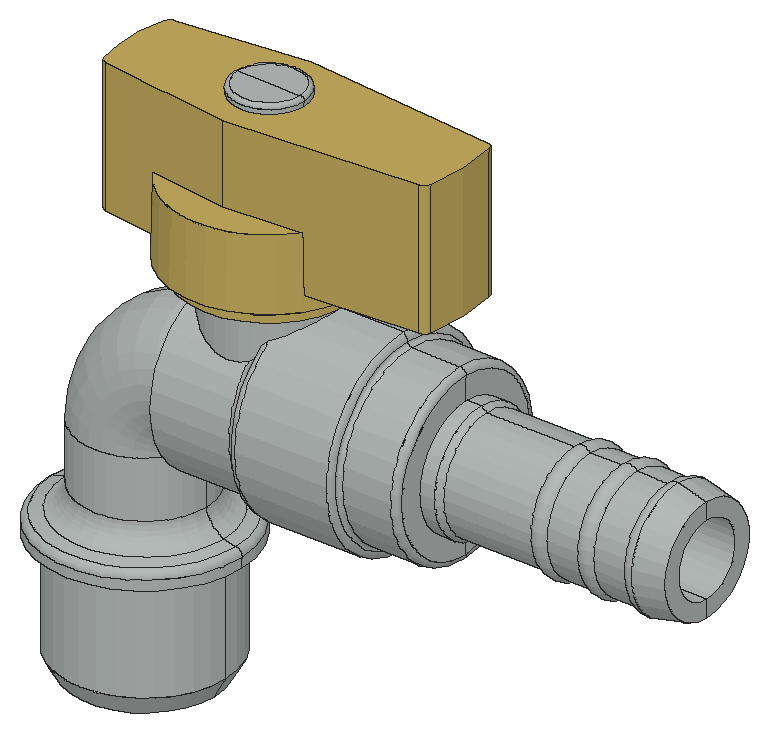
Revit family "QP20100000", category Apparecchi idraulici, Revit 2020
Family settings
  Quota connettore circolare = Usa diametro
  Tipo di parte = Normale
  Numero OmniClass = 23.45.00.00
  Titolo OmniClass = Sanitary, Laundry, and Cleaning Equipment
  Basato su piano di lavoro = No
  Sempre verticale = Sì
  Taglio con vuoti quando caricato = No
  Condiviso = No
  Punto di calcolo locali = No
Parameters
  URL = "https://web.cimberio.com/index.php/figura/114?subcategoria_id="
  Temperatura di esercizio = "-20 ÷ 60°C"
  Prospetto di default = 0 mm
  Produttore = "CIMBERIO SPA"
  Pressione nominale = "MOP 5"
  Modello = "Cim 150"
  Materiale = "Prodotto in lega di ottone conforme alla norma EN 12165-CW617N-DW"
  Descrizione = "Utilizzato nell’impiantistica distributiva di gas a bassa pressione per le categorie:\r\nGas naturali: gas derivati dal petrolio (Metano) e gas di ricambio.\r\nGas di città: prodotti secondo i diversi procedimenti (Cracking - Cokerie - ecc.).\r\nGas liquidi: propano e miscele di gas propano/butano"
  DN Model [instance] = QP20103110 : QP20103110
  DN [instance] = 15 mm
  Commenti sul tipo = "Realizzato in ottemperanza ai requisiti gestionali della norma EN ISO 9001.\r\nCollaudato al 100% secondo la normativa EN 12266-1"
Reference planes
  plane 1 "Centro (Fronte/Retro)": y = 0
  plane 2: z = 0
  plane 3 "Centro (Sinistra/Destra)": x = 0
Dimensions and locks
  aligned and locked: level to plane 2
Nested families
  nested 1: "QP20103110" at (0, 0, 0), type <- "DN Model", type "QP20103110"
  nested 2: "QP20103110" at (0, 0, 0), type <- "DN Model", type "QP20103110"
  nested 3: "QP20103110" at (0, 0, 0), type <- "DN Model", type "QP20103110"
  nested 4: "QP20103110" at (0, 0, 0), type <- "DN Model", type "QP20103110"
Connectors
  piping at (56.3, 0, 0), diameter 15, driven by "DN"
    settings: on nested 1, index 1, connector inside diameter 609.6 mm, connector length 0 mm, flow factor 0, pipe flow 0.0 L/s, pressure drop 0.0 Pa, fitting loss kfactor 0, connector angle 0.00°, fixture units 0, engagement length 0 mm, angle of deflection 0.00°, flow configuration 0, flow direction 0, fitting loss method 0, system type 7, joint type 0, gender type 0, connector reference index -1, connector utility 0, adjustable connector no, is connector primary yes, connector description ""
  piping at (-16, 0, -37.983), diameter 15, driven by "DN"
    settings: on nested 1, index 2, connector inside diameter 609.6 mm, connector length 0 mm, flow factor 0, pipe flow 0.0 L/s, pressure drop 0.0 Pa, fitting loss kfactor 0, connector angle 0.00°, fixture units 0, engagement length 0 mm, angle of deflection 0.00°, flow configuration 0, flow direction 0, fitting loss method 0, system type 7, joint type 0, gender type 0, connector reference index -1, connector utility 0, adjustable connector no, is connector primary no, connector description ""
Definition of nested family "QP20103110"
  Parameters (values of type "QP20103110")
    URL = ""
    Default Elevation = 0 mm
    Manufacturer = ""
    Model = ""
    Description = ""
    Type Comments = ""
  Reference planes
    plane 1 "Centro (Fronte/Retro)": y = 0
    plane 2: z = 0
    plane 3 "Centro (Sinistra/Destra)": x = 0
  Forms (mm)
    Revolve 1, solid
      sketch origin (0.744, 0, 1.406) x (1, 0, 0) y (0, 0, 1)
        loop
          line (11.146, 13.716) -> (10.988, 22.789) -> (-0.448, 22.789) -> (-0.448, 11.85) -> (9.552, 11.85) -> (9.552, 12.795) -> (11.146, 13.716)
        axis (-0.754, 11.85) -> (-0.754, 22.789)
      angle from 0 to 360
    Revolve 2, solid
      sketch origin (0.751, 0, 1.446) x (1, 0, 0) y (0, 0, 1)
        loop
          arc (3.746, 33.15) -> (3.6, 33.504) -> (3.246, 33.65) r 0.5
          line (3.246, 33.65) -> (-0.754, 33.65) -> (-0.754, 31.443) -> (3.746, 31.443) -> (3.746, 33.15)
        axis (-0.754, 33.65) -> (-0.754, 31.443)
      angle from 0 to 360
    Extrusion 3, solid
      sketch origin (1.758, 0, 1.45) x (1, 0, 0) y (0, 1, 0)
        loop
          arc (-19.114, 4.772) -> (-19.758, -0.042) -> (-19.091, -4.852) r 18
          arc (-19.091, -4.852) -> (-18.778, -5.343) -> (-18.244, -5.576) r 1
          line (-18.244, -5.576) -> (-1.755, -7.5) -> (21.908, -5.5)
          arc (21.908, -5.5) -> (22.493, -5.247) -> (22.806, -4.691) r 1
          arc (22.806, -4.691) -> (23.25, 0) -> (22.806, 4.691) r 25
          arc (22.806, 4.691) -> (22.489, 5.25) -> (21.897, 5.501) r 1
          line (21.897, 5.501) -> (-2.38, 7.425) -> (-18.27, 5.5)
          arc (-18.27, 5.5) -> (-18.802, 5.265) -> (-19.114, 4.772) r 1
      from 15.62 to 32.65
    Revolve 4, solid
      sketch origin (1.758, 0, 0) x (1, 0, 0) y (0, 0, 1)
        loop
          line (-0.754, 4.83) -> (7.416, 4.83) -> (7.416, 16.081) -> (-0.754, 16.081) -> (-0.754, 4.83)
        axis (-0.754, 16.081) -> (-0.754, 4.83)
      angle from 0 to 360
    Revolve 5, solid
      sketch origin (0, 0, 0) x (1, 0, 0) y (0, 0, 1)
        loop
          line (18.3, -11.083) -> (24.521, -11.083)
          arc (24.521, -11.083) -> (25.088, -10.848) -> (25.323, -10.281) r 0.802
          line (25.323, -10.281) -> (25.323, -4.5) -> (-6.523, -4.5) -> (-6.523, -10.983) -> (3.557, -10.983)
          arc (3.557, -10.983) -> (4.268, -11.328) -> (4.711, -11.983) r 1.528
          arc (4.711, -11.983) -> (5.077, -12.349) -> (5.577, -12.483) r 1
          line (5.577, -12.483) -> (17.3, -12.483)
          arc (17.3, -12.483) -> (17.636, -12.081) -> (17.8, -11.583) r 1.391
          arc (17.8, -11.583) -> (17.946, -11.229) -> (18.3, -11.083) r 0.5
        axis (-6.523, 0) -> (25.323, 0)
      angle from 0 to 360
    Revolve 6, solid
      sketch origin (0, 0, 0) x (1, 0, 0) y (0, 0, 1)
        loop
          line (-20.5, -21.983) -> (-26.45, -21.983) -> (-26.45, -35.483) -> (-25.007, -37.983) -> (-20.5, -37.983) -> (-20.5, -21.983)
        axis (-16, -37.983) -> (-16, -21.983)
      angle from 0 to 360
    Revolve 7, solid
      sketch origin (0, 0, 0) x (1, 0, 0) y (0, 0, 1)
        loop
          line (-20.5, -16.475) -> (-24, -16.475)
          arc (-24, -16.475) -> (-24.62, -18.302) -> (-26.224, -19.373) r 3
          line (-26.224, -19.373) -> (-27.759, -19.784)
          arc (-27.759, -19.784) -> (-28.293, -20.142) -> (-28.5, -20.75) r 1
          line (-28.5, -20.75) -> (-28.5, -21.983) -> (-20.5, -21.983) -> (-20.5, -16.475)
        axis (-16, -16.475) -> (-16, -21.983)
      angle from 0 to 360
    Sweep 8, solid
      path origin (0, 0, 0) x (1, 0, 0) y (0, 0, 1)
        loop
          arc (-6.523, 0) -> (-13.208, -2.611) -> (-16, -9.222) r 9.226
          line (-16, -9.222) -> (-16, -16.475)
      profile origin (-16, 0, -12.849) x (0, -1, 0) y (1, 0, 0)
        loop
          circle (0, 0) r 8
        loop
          circle (0, 0) r 4.5
    Revolve 9, solid
      sketch origin (0, 0, 0) x (1, 0, 0) y (0, 0, 1)
        loop
          line (56.3, 6.695) -> (52.56, 7.49)
          arc (52.56, 7.49) -> (51.861, 7.437) -> (51.3, 7.017) r 1.25
          line (51.3, 7.017) -> (47.3, 7.017)
          arc (47.3, 7.017) -> (46.3, 7.517) -> (45.3, 7.017) r 1.25
          line (45.3, 7.017) -> (41.3, 7.017)
          arc (41.3, 7.017) -> (40.3, 7.517) -> (39.3, 7.017) r 1.25
          line (39.3, 7.017) -> (28.014, 7.017) -> (27.3, 7.517) -> (25.3, 7.517) -> (25.3, 4.56) -> (56.3, 4.56) -> (56.3, 6.695)
        axis (56.3, 0) -> (25.3, 0)
      angle from 0 to 360
  Dimensions and locks
    aligned and locked: level to plane 2
